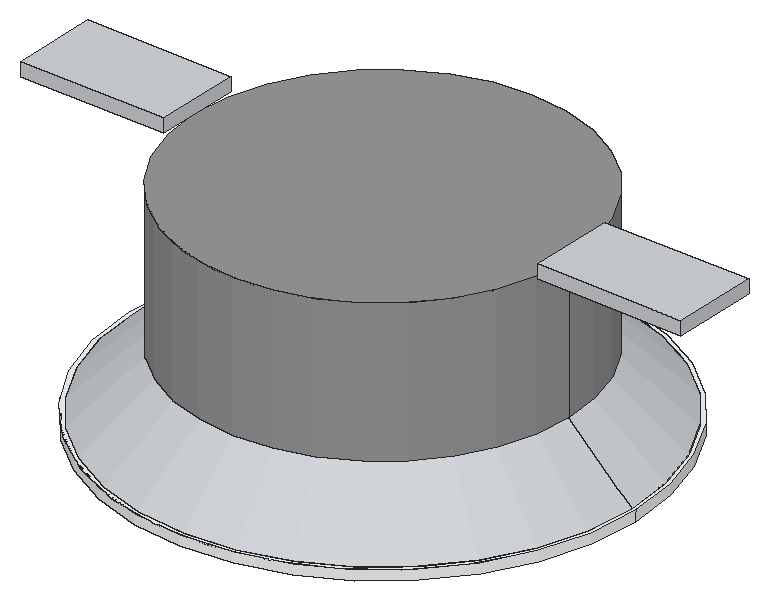
Revit family "FALCO-DOWN_LIGHT_LED_IP65_10W_O115+connect_3000K", category Lighting Fixtures, host Ceiling, Revit 2021
Family settings
  Host = Ceiling
  Round Connector Dimension = Use Diameter
  Part Type = Normal
  OmniClass Number = 23.80.70.11
  OmniClass Title = Luminaries for Internal Lighting
  Always vertical = Yes
  Cut with Voids When Loaded = No
  Light Source = Yes
  Shared = No
  Room Calculation Point = No
Parameters (values of type "Type 1")
  Wattage = 7.40531 W
  built-in parameter 1150110 = 1 (stored number, unit not read)
  URL = "https://www.lucera.fr/"
  built-in parameter 1114217 = 1 (stored number, unit not read)
  Tilt Angle = 90.00°
  built-in parameter 1150109 = 1 (stored number, unit not read)
  built-in parameter 1150134 = (empty or 0)
  built-in parameter 1150113 = 1 (stored number, unit not read)
  SDCM = "3"
  Puissance nominale = "10W"
  Photometric Web File = "google_eulumdat_converter.ies"
  Matériau = "Aluminium diffuseur PMMA"
  Manufacturer = "Lucera - Lucera (c) 06/01/2021 16:39:00 +01:00"  # constant formula
  Maintien du flux = "L80B10 (50 000 heures)"
  Lumens = 1100 lm
  built-in parameter 1150115 = 1 (stored number, unit not read)
  built-in parameter 1150105 = 87.535 (stored number, unit not read)
  built-in parameter 1150137 = (empty or 0)
  built-in parameter 1150139 = (empty or 0)
  built-in parameter 1150112 = 1 (stored number, unit not read)
  built-in parameter 1150114 = 1 (stored number, unit not read)
  Lamp = "LED XC-COB Bridgelux 2630"
  built-in parameter 1150132 = 2
  built-in parameter 1150102 = (empty or 0)
  built-in parameter 1150138 = (empty or 0)
  built-in parameter 1150107 = 3000 (stored number, unit not read)
  built-in parameter 1150106 = 0.87535 (stored number, unit not read)
  IRC = ">90"
  built-in parameter 1150104 = 13.8 (stored number, unit not read)
  Durée de vie = "50 000 heures"
  Driver = "Driver Lifud TUV CE CCC"
  Dimming Lamp Color Temperature Shift = <None>
  Dimensions = "Ø 115 mm, H = 48 mm"
  Dimension découpe = "Ø 100-105 mm"
  Default Elevation = 0 mm
  Couleur = "Blanc"
  Color Filter = 16777215
  built-in parameter 1114218 = 1 (stored number, unit not read)
  built-in parameter 1150133 = 10 (stored number, unit not read)
  Angle d'éclairage = "60°"
  Alimentation luminaire = "25-42V dc / 200mA"
  Alimentation Driver = "AC 220-240V"
Reference planes
  plane 1 "Light Source Axis (F/B)": y = 0
  plane 2: z = 0
  plane 3 "Light Source Axis (L/R)": x = 0
  plane 4 "Ceiling": z = 4000
  plane 5 "Light Source Elevation": z = 3985.451
Forms (mm)
  Extrusion 1, solid, material "Aluminum, Blanc"
    sketch origin (0, 0, 4000) x (0, 1, 0) y (-1, 0, 0)
      loop
        circle (0, 0) r 57.5
      loop
        circle (0, 0) r 56.5
    from -6.482 to -4.223
  Extrusion 2, solid, material "diffuseur PMMA"
    sketch origin (0, 0, 4000) x (0, 1, 0) y (-1, 0, 0)
      loop
        circle (0, 0) r 56.5
    from -6.482 to -4.223
  Blend 3, solid
    base sketch origin (0, 0, 4000) x (0, 1, 0) y (-1, 0, 0)
      loop
        circle (0, 0) r 56.5
    top sketch origin (0, 0, 4000) x (0, 1, 0) y (-1, 0, 0)
      loop
        circle (0, 0) r 13
    from -4.223 to 37.093
  Extrusion 4, solid, material "Aluminum, Noir"
    sketch origin (0, 0, 4000) x (0, 1, 0) y (-1, 0, 0)
      loop
        circle (0, 0) r 42.434
    from 9.457 to 41.518
  Extrusion 5, solid
    sketch origin (0, 0, 4000) x (0, 1, 0) y (-1, 0, 0)
      loop
        line (10, 75) -> (-9.151, 75) -> (-9.151, 42.427) -> (10, 42.427) -> (10, 75)
    from 41.518 to 44.557
  Extrusion 6, solid
    sketch origin (0, 0, 4000) x (0, -1, 0) y (1, 0, 0)
      loop
        line (-10, 75) -> (-10, 42.427) -> (9.151, 42.427) -> (9.151, 75) -> (-10, 75)
    from 41.518 to 44.557
Lines and regions (mm)
  reference lines
    curve 1: line (0, 0, 4000) -> (13, 0, 4000)
    curve 2: line (0, 0, 4000) -> (0, 57.5, 4000)
    curve 3: line (0, 0, 3993.518) -> (0, 0, 4041.518)
Dimensions and locks
  equal spacing: host sketch curve, plane 3 "Light Source Axis (L/R)", host sketch curve
  equal spacing: host sketch curve, plane 1 "Light Source Axis (F/B)", host sketch curve
  host sketch curve to host sketch curve = 4000 mm  (x2)
  plane 4 "Ceiling" to host ceiling = 0 mm
  aligned and locked: plane 1 "Light Source Axis (F/B)" to imposter light
  aligned and locked: plane 5 "Light Source Elevation" to imposter light
